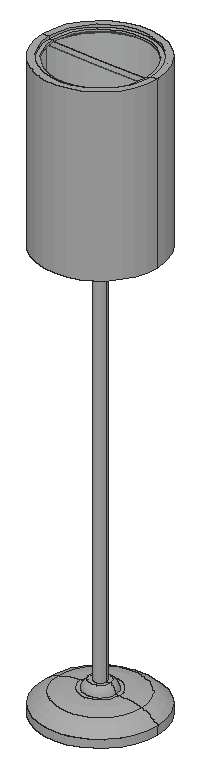
Revit family "LD4-SP", category Lighting Fixtures, host Face, Revit 2012
Parameters (values of type "LD4 Pendant Mount Cylinder, Spot Down, 600 Lumens, 50K")
  Wattage Comments = "8-15W"
  Wattage = 8 W
  built-in parameter 1150110 = 1 (stored number, unit not read)
  Voltage = 120 V
  URL = "http://www.prescolite.com/"
  built-in parameter 1114217 = 1 (stored number, unit not read)
  Tilt Angle = -90.00°
  built-in parameter 1150109 = 1 (stored number, unit not read)
  built-in parameter 1150134 = 3
  built-in parameter 1150113 = 1 (stored number, unit not read)
  Product Page URL = "http://www.prescolite.com/products/ld4/"
  Product Documentation Link = "http://www.prescolite.com/content/products/specs/specs_files/lfo_led_003.pdf"
  Photometric Web File = "8901.IES"
  Model = "LD4-SP"  # constant formula
  Manufacturer Phone = "864-678-1000"  # constant formula
  Manufacturer Fax = "864-678-1415"  # constant formula
  Manufacturer = "prescolite"  # constant formula
  built-in parameter 1150105 = 94.565 (stored number, unit not read)
  Lumens = 1188.34 lm
  built-in parameter 1150115 = 1 (stored number, unit not read)
  built-in parameter 1150137 = (empty or 0)
  built-in parameter 1150139 = (empty or 0)
  built-in parameter 1150112 = 1 (stored number, unit not read)
  built-in parameter 1150114 = 1 (stored number, unit not read)
  Lamp = "1"
  built-in parameter 1150132 = (empty or 0)
  built-in parameter 1150102 = (empty or 0)
  built-in parameter 1150107 = 3200 (stored number, unit not read)
  built-in parameter 1150138 = (empty or 0)
  built-in parameter 1150106 = 0.94565 (stored number, unit not read)
  Glass = Glass
  Emit from Line Length = 24.000"
  built-in parameter 1150104 = 13.8 (stored number, unit not read)
  Dimming Lamp Color Temperature Shift = <None>
  Description = "4' LED Pendant Mount Cylinder"  # constant formula
  Default Elevation = 48.000"
  Color Filter = 16777215
  built-in parameter 1114218 = 1 (stored number, unit not read)
  Backbox = Steel
  built-in parameter 1150133 = 10 (stored number, unit not read)
Types (2): name | Wattage Comments | Voltage | Product Page URL | Product Documentation Link | Photometric Web File | Backbox
  LD4 Pendant Mount Cylinder, Flood Down, 600 Lumens, 50K | "8W" | 0 V | "http://www.prescolite.com/products/ld6/" | "http://www.prescolite.com/content/products/specs/specs_files/lfo_led_011.pdf" | "8900.IES" | White
  LD4 Pendant Mount Cylinder, Spot Down, 600 Lumens, 50K | "8-15W" | 120 V | "http://www.prescolite.com/products/ld4/" | "http://www.prescolite.com/content/products/specs/specs_files/lfo_led_003.pdf" | "8901.IES" | Steel
Reference planes (in)
  plane 1 "Center (Front/Back)": y = 0.03999
  plane 2: z = 0
  plane 3 "Center (Left/Right)": x = -11.50083
  plane 4: z = 21.75
  plane 5: z = 15.5
  plane 6: x = -9.37583
  plane 7: x = -13.62583
  plane 8: x = -13.62583
  plane 9: x = -9.37583
Forms (in)
  Revolve 1, solid, material "Steel" <- "Backbox"
    sketch origin (0, 0.03999, 0) x (1, 0, 0) y (0, 0, 1)
      loop
        line (-13.62583, 21.75) -> (-13.62583, 15.5) -> (-11.72604, 15.5) -> (-11.72604, 15.40757) -> (-11.50083, 15.40757) -> (-11.50083, 15.61957) -> (-13.52583, 15.61957) -> (-13.52583, 21.47145) -> (-13.49405, 21.47145) -> (-13.49405, 21.61383) -> (-13.24405, 21.61383) -> (-13.24405, 21.67485) -> (-13.39406, 21.67485) -> (-13.39406, 21.75) -> (-13.62583, 21.75)
      axis (-11.50083, 21.75) -> (-11.50083, 15.40757)
    angle from 0 to 360
  Revolve 2, solid, material "Steel" <- "Backbox"
    sketch origin (0, 0.03999, 0) x (1, 0, 0) y (0, 0, 1)
      loop
        line (-11.50083, 0) -> (-11.50083, 1.1022) -> (-11.87912, 1.1022)
        arc (-11.87912, 1.1022) -> (-12.006, 0.97732) -> (-12.07426, 0.8129) r 0.44825
        line (-12.07426, 0.8129) -> (-12.21802, 0.8129)
        arc (-12.21802, 0.8129) -> (-12.63342, 0.78091) -> (-13.03903, 0.68569) r 2.71303
        arc (-13.03903, 0.68569) -> (-13.35757, 0.52969) -> (-13.62583, 0.29766) r 1.38012
        line (-13.62583, 0.29766) -> (-13.62583, 0) -> (-11.50083, 0)
      axis (-11.50083, 1.1022) -> (-11.50083, 0)
    angle from 0 to 360
  Revolve 3, solid, material "Glass" <- "Glass"
    sketch origin (0, 0.03999, 0) x (1, 0, 0) y (0, 0, 1)
      loop
        line (-13.49405, 21.61383) -> (-13.49405, 21.41404) -> (-11.50083, 21.41404) -> (-11.50083, 21.61383) -> (-13.49405, 21.61383)
      axis (-11.50083, 21.61383) -> (-11.50083, 21.41404)
    angle from 0 to 360
  Revolve 4, solid, material "Steel" <- "Backbox"
    sketch origin (0, 0.03999, 0) x (1, 0, 0) y (0, 0, 1)
      loop
        line (-11.50083, 1.1022) -> (-11.27563, 1.1022) -> (-11.27563, 15.40757) -> (-11.50083, 15.40757) -> (-11.50083, 1.1022)
      axis (-11.50083, 15.40757) -> (-11.50083, 1.1022)
    angle from 0 to 360
Cuts and joins
  joined: Revolve 1, Revolve 2
Dimensions and locks (in)
  locked: plane 4 to plane 5 at 6.25
  plane 4 to host face = 21.750"
  equal spacing: plane 7, plane 3 "Center (Left/Right)", plane 6
  locked: plane 7 to plane 6 at 4.25
  equal spacing: plane 9, plane 3 "Center (Left/Right)", plane 8
  aligned and locked: plane 2 to host face
  aligned and locked: level to host face
  aligned and locked: Revolve 1 sketch curve to plane 3 "Center (Left/Right)"  (x2)
  aligned and locked: plane 7 to Revolve 1 sketch curve
  aligned and locked: Revolve 2 sketch curve to plane 3 "Center (Left/Right)"
  aligned and locked: Revolve 3 sketch curve to plane 3 "Center (Left/Right)"  (x2)
  aligned and locked: imposter light to plane 1 "Center (Front/Back)"
  aligned and locked: Revolve 4 sketch curve to cut or joined group of Revolve 1, Revolve 2  (x2)
  aligned and locked: Revolve 4 sketch curve to plane 3 "Center (Left/Right)"  (x2)
  aligned and locked: cut or joined group of Revolve 1, Revolve 2 to Revolve 4 sketch curve
  aligned and locked: Revolve 3 sketch curve to cut or joined group of Revolve 1, Revolve 2  (x2)
  aligned and locked: imposter light to Revolve 3
  aligned and locked: plane 3 "Center (Left/Right)" to imposter light
Automatic sketch dimensions
  host sketch curve to host sketch curve = 96.000"  (x2)
  Revolve 2 sketch curve to level = 0.000"
  Revolve 2 sketch curve to plane 8 = 0.000"
  Revolve 2 sketch curve to plane 3 "Center (Left/Right)" = 0.000"
  plane 8 to Revolve 2 sketch curve = 0.5868"
  plane 8 to Revolve 2 sketch curve = 1.0295"
  Revolve 2 sketch curve to plane 3 "Center (Left/Right)" = 0.71719"
  Revolve 2 sketch curve to Revolve 2 sketch curve = 0.14376"
  Revolve 2 sketch curve to Revolve 2 sketch curve = 0.19513"
  Revolve 2 sketch curve to plane 3 "Center (Left/Right)" = 0.13354"
  Revolve 2 sketch curve to level = 0.50493"
  Revolve 2 sketch curve to level = 0.6215"
  Revolve 2 sketch curve to Revolve 2 sketch curve = 1.27863"
  Revolve 2 sketch curve to Revolve 2 sketch curve = 0.29766"
  Revolve 2 sketch curve to Revolve 2 sketch curve = 0.08624"
  Revolve 2 sketch curve to plane 5 = 0.8057"
  Revolve 4 sketch curve to level = 6.34243"
  Revolve 4 sketch curve to plane 5 = 2.15757"
  Revolve 1 sketch curve to plane 4 = 0.000"
  Revolve 1 sketch curve to plane 5 = 0.000"
  Revolve 1 sketch curve to plane 7 = 0.100"
  Revolve 1 sketch curve to Revolve 1 sketch curve = 0.03178"
  Revolve 1 sketch curve to Revolve 1 sketch curve = 0.09999"
  Revolve 1 sketch curve to Revolve 1 sketch curve = 0.15001"
  Revolve 1 sketch curve to plane 3 "Center (Left/Right)" = 0.22521"
  plane 5 to Revolve 1 sketch curve = 0.09243"
  Revolve 1 sketch curve to level = 0.99668"
  Revolve 1 sketch curve to plane 5 = 0.11957"
  Revolve 1 sketch curve to plane 4 = 0.27855"
  Revolve 1 sketch curve to Revolve 1 sketch curve = 0.14238"
  Revolve 1 sketch curve to plane 4 = 0.07515"
  plane 4 to Revolve 1 sketch curve = 1.87832"
  Revolve 3 sketch curve to plane 4 = 1.83875"
  Revolve 3 sketch curve to plane 4 = 0.500"
  Revolve 3 sketch curve to plane 4 = 0.33596"
Connectors (in)
  electrical at (-11.50083, 0.03999, 0), driven by "Description", driven by "Voltage"
    settings: on cut or joined group of Revolve 1, Revolve 2, index 1, voltage 120 V, apparent load 0 VA, apparent load phase1 0 VA, apparent load phase2 0 VA, apparent load phase3 0 VA, power factor 1, load classification "Other", number of poles 1, system type 31, power factor state 1, is connector primary yes, connector utility no, sub classification motor no, connector description "4' LED Pendant Mount Cylinder"
